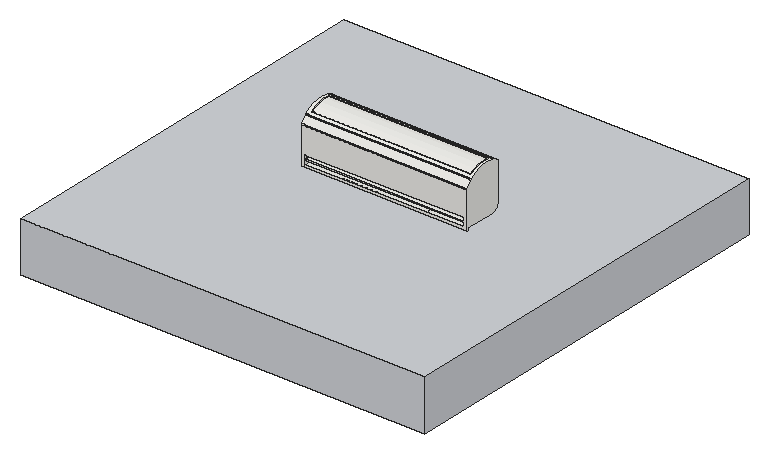
Revit family "ГРЕЕРС ЗВ - 100 В", category Wyposażenie mechaniczne, Revit 2016
Family settings
  Obiekt nadrzędny = Powierzchnia
  Typ części = Normalny
  Wymiar okrągłego złącza = Użyj średnicy
  Tnij formami wycięć po wczytaniu = Nie
  Współdzielony = Nie
  Punkt obliczania pomieszczeń = Nie
Parameters (values of type "ГРЕЕРС ЗВ - 100 В")
  Тепловая мощность = 0 kW
  Температура воздуха на выходе из аппарата (Тр2) = 0 °C
  Температура воздуха на входе в аппарат (Тр1) = 0 °C
  Температура воды на входе в теплообменник (Tw1) = 0 °C
  Производительность = 0 m³/h
  Полная мощность = Напряжение питания * Макс. потребление тока  # 149.5 VA
  Патрубки = 3/4"
  Падение давления воды в теплообменнике = 0 kPa
  Напряжение питания = 230 V
  Материал 2 = ГРЕЕРС-сталь,перфорация-белый
  Материал = ГРЕЕРС-сталь-белый
  Макс. потребление тока = 0.65 A
  Коэффициент мощности = 0.94
  Количество воды проходящей через теплообменник = 0 L/s
  Классификация нагрузки = ДВИГАТЕЛЬ
  Длина = 1000.00 mm  # constant formula
  Данные продукта = "https://greers.ru/vozdushnye-zavesy/"
  Вес аппарата = 19.00 kg
  Вентилятор = "Однофазный двигатель с поперечным ротором"
  Автор = "www.archispace.com"
  URL = ""
  Tемпература воды на выходе из теплообменника (Tw2) = 0 °C
  Producent = "ГРЕЕРС"
  Opis = "Воздушная завеса"
  Model = "ГРЕЕРС ЗВ - 100 В"
  IP = "21"
  Domyślna rzędna = 2200.00 mm
  Bec аппарата, наполненного водой = 20.60 kg
Reference planes
  plane 1 "Środek (Przód/Tył)": y = 0
  plane 2: z = 0
  plane 3 "Środek (Lewa/Prawa)": x = 0
Forms (mm)
  Extrusion 1, solid
    sketch origin (0, 0, 0) x (1, 0, 0) y (0, 1, 0)
      loop
        line (-1219.2, 1219.2) -> (-1219.2, -1219.2) -> (1219.2, -1219.2) -> (1219.2, 1219.2) -> (-1219.2, 1219.2)
    from 0 to -304.8
Dimensions and locks
  aligned and locked: plane 2 to Extrusion 1
  aligned and locked: level to Extrusion 1
  aligned and locked: plane 3 "Środek (Lewa/Prawa)" to nested 1
  aligned and locked: plane 1 "Środek (Przód/Tył)" to nested 1
Nested families
  nested 1: "ГРЕЕРС ЗВ - 100 В" at (0, 0, 0), type "ГРЕЕРС ЗВ - 100 В"
Connectors
  piping at (454, 227.682, 166.954), diameter 19.05, driven by "Патрубки", driven by "Количество воды проходящей через теплообменник", driven by "Падение давления воды в теплообменнике"
    settings: on nested 1, index 7, connector inside diameter 24", connector length 0.00 mm, flow factor 0, pipe flow 0 L/s, pressure drop 0 kPa, fitting loss kfactor 0, connector angle 0.00°, fixture units 0, engagement length 0.00 mm, angle of deflection 0.00°, flow configuration 1, flow direction 2, fitting loss method 4, system type 8, joint type 0, gender type 0, connector reference index -1, connector utility 0, adjustable connector no, is connector primary yes, connector description ""
  piping at (454, 227.682, 242.954), diameter 19.05, driven by "Патрубки", driven by "Количество воды проходящей через теплообменник", driven by "Падение давления воды в теплообменнике"
    settings: on nested 1, index 8, connector inside diameter 24", connector length 0.00 mm, flow factor 0, pipe flow 0 L/s, pressure drop 0 kPa, fitting loss kfactor 0, connector angle 0.00°, fixture units 0, engagement length 0.00 mm, angle of deflection 0.00°, flow configuration 1, flow direction 1, fitting loss method 4, system type 7, joint type 0, gender type 0, connector reference index -1, connector utility 0, adjustable connector no, is connector primary no, connector description ""
  electrical at (0, 235.182, 54.049), driven by "Напряжение питания", driven by "Полная мощность", driven by "Коэффициент мощности", driven by "Классификация нагрузки"
    settings: on nested 1, index 9, voltage 230 V, apparent load 149.5 VA, apparent load phase1 0 VA, apparent load phase2 0 VA, apparent load phase3 0 VA, power factor 0.94, load classification "ДВИГАТЕЛЬ", number of poles 1, system type 30, power factor state 1, is connector primary yes, connector utility no, sub classification motor no, connector description ""
  electrical at (-59, 235.182, 85.024)
    settings: on nested 1, index 10, voltage 0 V, apparent load 0 VA, apparent load phase1 0 VA, apparent load phase2 0 VA, apparent load phase3 0 VA, power factor 1, load classification "Inne", number of poles 1, system type 13, power factor state 1, is connector primary no, connector utility no, sub classification motor no, connector description "Регулятор ТS"
  electrical at (59, 235.182, 85.024)
    settings: on nested 1, index 11, voltage 0 V, apparent load 0 VA, apparent load phase1 0 VA, apparent load phase2 0 VA, apparent load phase3 0 VA, power factor 1, load classification "Inne", number of poles 1, system type 13, power factor state 1, is connector primary no, connector utility no, sub classification motor no, connector description "Конечный датчик"
Definition of nested family "ГРЕЕРС ЗВ - 100 В"
  Parameters
    materiał perforacja = none
    materiał = none
    długość = 1000.00 mm
  Reference planes
    plane 1 "Środek (Przód/Tył)": y = 0
    plane 2: z = 0
    plane 3 "Środek (Lewa/Prawa)": x = 0
    plane 4: x = -500
    plane 5: x = 500
    plane 6: x = -480
    plane 7: x = 480
    plane 8: x = 250
    plane 9: x = -250
  Forms (mm)
    Extrusion 1, solid, material <- "materiał", detail levels medium
      sketch origin (0, 300, 0) x (0, 1, 0) y (0, 0, 1)
        loop
          line (-72.756, 283.564) -> (-81.693, 294.358)
          arc (-81.693, 294.358) -> (-82.051, 294.684) -> (-82.482, 294.903) r 1.8
          line (-82.482, 294.903) -> (-98.157, 300.357)
          arc (-98.157, 300.357) -> (-98.505, 300.566) -> (-98.742, 300.895) r 1
          line (-98.742, 300.895) -> (-99.846, 303.375)
          arc (-99.846, 303.375) -> (-100.355, 304.039) -> (-101.109, 304.402) r 1.8
          arc (-101.109, 304.402) -> (-188.803, 303.806) -> (-267.88, 265.892) r 200.8
          arc (-267.88, 265.892) -> (-268.406, 265.22) -> (-268.563, 264.381) r 1.8
          line (-268.563, 264.381) -> (-268.42, 261.651)
          arc (-268.42, 261.651) -> (-268.477, 261.263) -> (-268.678, 260.927) r 1
          line (-268.678, 260.927) -> (-299.538, 226.654)
          arc (-299.538, 226.654) -> (-299.88, 226.094) -> (-300, 225.449) r 1.8
          line (-300, 225.449) -> (-300, 0) -> (-292.2, 0) -> (-292.2, 13.085) -> (-113.282, 13.085)
          arc (-113.282, 13.085) -> (-84.316, 25.083) -> (-72.318, 54.049) r 40.964
          line (-72.318, 54.049) -> (-72.318, 282.336)
          arc (-72.318, 282.336) -> (-72.431, 282.988) -> (-72.756, 283.564) r 1.943
      from -500 to 500
    Extrusion 2, solid, material <- "materiał", detail levels coarse
      sketch origin (0, 0, 0) x (0, 1, 0) y (0, 0, 1)
        loop
          arc (227.682, 295.867) -> (103.817, 301.954) -> (0, 234.12) r 200.8
          line (0, 234.12) -> (0, 0) -> (227.682, 0) -> (227.682, 295.867)
      from -500 to 500
    Extrusion 3, solid, material <- "materiał", detail levels fine
      sketch origin (0, 0, 0) x (0, 1, 0) y (0, 0, 1)
        loop
          line (227.244, 283.564) -> (218.307, 294.358)
          arc (218.307, 294.358) -> (217.949, 294.684) -> (217.518, 294.903) r 1.8
          line (217.518, 294.903) -> (201.843, 300.357)
          arc (201.843, 300.357) -> (201.495, 300.566) -> (201.258, 300.895) r 1
          line (201.258, 300.895) -> (200.154, 303.375)
          arc (200.154, 303.375) -> (199.645, 304.039) -> (198.891, 304.402) r 1.8
          arc (198.891, 304.402) -> (111.197, 303.806) -> (32.12, 265.892) r 200.8
          arc (32.12, 265.892) -> (31.594, 265.22) -> (31.437, 264.381) r 1.8
          line (31.437, 264.381) -> (31.58, 261.651)
          arc (31.58, 261.651) -> (31.523, 261.263) -> (31.322, 260.927) r 1
          line (31.322, 260.927) -> (0.462, 226.654)
          arc (0.462, 226.654) -> (0.12, 226.094) -> (0, 225.449) r 1.8
          line (0, 225.449) -> (0, 0) -> (7.8, 0) -> (7.8, 13.085) -> (186.718, 13.085)
          arc (186.718, 13.085) -> (215.684, 25.083) -> (227.682, 54.049) r 40.964
          line (227.682, 54.049) -> (227.682, 282.336)
          arc (227.682, 282.336) -> (227.569, 282.988) -> (227.244, 283.564) r 1.943
      from -500 to 500
    Extrusion 4, void
      sketch origin (0, 0, 0) x (0, 1, 0) y (0, 0, 1)
        loop
          line (52, 337.939) -> (52, 227.939) -> (180, 227.939) -> (180, 337.939) -> (52, 337.939)
      from -480 to 480
    Extrusion 5, solid, material <- "materiał perforacja", detail levels fine
      sketch origin (0, 0, 0) x (0, 1, 0) y (0, 0, 1)
        loop
          arc (180, 307.56) -> (113.664, 304.359) -> (52, 279.696) r 200.8
          line (52, 279.696) -> (52, 277.35)
          arc (52, 277.35) -> (113.61, 302.3) -> (180, 305.546) r 198.8
          line (180, 305.546) -> (180, 307.56)
      from -480 to 480
    Extrusion 6, void
      sketch origin (0, 0, 0) x (0, 1, 0) y (0, 0, 1)
        loop
          line (0, 15.085) -> (50, 15.085) -> (50, 70.085) -> (0, 70.085) -> (0, 43.585)
          arc (0, 43.585) -> (17.5, 45.585) -> (35, 43.585) r 77.563
          line (35, 43.585) -> (35, 41.585)
          arc (35, 41.585) -> (17.5, 39.585) -> (0, 41.585) r 77.563
          line (0, 41.585) -> (0, 15.085)
      from -480 to 480
    Extrusion 7, solid, material <- "materiał"
      sketch origin (0, 0, 0) x (0, 1, 0) y (0, 0, 1)
        loop
          line (10, 0) -> (172, 0) -> (172, 13.085) -> (10, 13.085) -> (10, 0)
      from -250 to 250
    Extrusion 8, solid, material <- "materiał"
      sketch origin (0, 0, 0) x (0, 1, 0) y (0, 0, 1)
        loop
          line (227.682, 54.049) -> (242.682, 54.049) -> (242.682, 116) -> (227.682, 116) -> (227.682, 54.049)
      from -59 to 59
    Extrusion 9, solid, material <- "materiał"
      sketch origin (0, 0, 0) x (1, 0, 0) y (0, 0, 1)
        loop
          circle (454, 242.954) r 17
        loop
          circle (454, 166.954) r 17
      from -227.682 to -225
  Cuts and joins
    Extrusion 4, Extrusion 6 cuts Extrusion 3
  Dimensions and locks
    equal spacing: plane 4, plane 3 "Środek (Lewa/Prawa)", plane 5
    "długość": plane 4 to plane 5
    locked: plane 4 to plane 6 at 20
    locked: plane 7 to plane 5 at 20
    equal spacing: plane 4, plane 9, plane 3 "Środek (Lewa/Prawa)"
    equal spacing: plane 3 "Środek (Lewa/Prawa)", plane 8, plane 5
    locked: Extrusion 9 sketch curve to plane 5 at 46  (x2)
    aligned and locked: level to plane 2
    aligned and locked: Extrusion 2 to plane 4
    aligned and locked: Extrusion 1 to plane 4
    aligned and locked: Extrusion 2 to plane 5
    aligned and locked: Extrusion 1 to plane 5
    aligned and locked: Extrusion 3 to plane 4
    aligned and locked: Extrusion 3 to plane 5
    aligned and locked: Extrusion 4 to plane 6
    aligned and locked: Extrusion 4 to plane 7
    aligned and locked: Extrusion 5 to plane 6
    aligned and locked: Extrusion 5 to plane 7
    aligned and locked: Extrusion 6 to plane 7
    aligned and locked: Extrusion 6 to plane 6
    aligned and locked: plane 8 to Extrusion 7
    aligned and locked: plane 9 to Extrusion 7
  Automatic sketch dimensions
    Extrusion 1 sketch curve to level = 0.00 mm
    Extrusion 1 sketch curve to plane 1 "Środek (Przód/Tył)" = 0.00 mm
    Extrusion 1 sketch curve to Extrusion 1 sketch curve = 1.80 mm
    Extrusion 1 sketch curve to plane 1 "Środek (Przód/Tył)" = 7.80 mm
    Extrusion 1 sketch curve to plane 1 "Środek (Przód/Tył)" = 30.581 mm
    Extrusion 1 sketch curve to Extrusion 1 sketch curve = 0.742 mm
    Extrusion 1 sketch curve to Extrusion 1 sketch curve = 0.856 mm
    Extrusion 1 sketch curve to Extrusion 1 sketch curve = 1.797 mm
    Extrusion 1 sketch curve to plane 1 "Środek (Przód/Tył)" = 156.375 mm
    Extrusion 1 sketch curve to Extrusion 1 sketch curve = 30.343 mm
    Extrusion 1 sketch curve to Extrusion 1 sketch curve = 165.276 mm
    Extrusion 1 sketch curve to Extrusion 1 sketch curve = 3.662 mm
    Extrusion 1 sketch curve to Extrusion 1 sketch curve = 14.754 mm
    Extrusion 1 sketch curve to Extrusion 1 sketch curve = 1.38 mm
    Extrusion 1 sketch curve to Extrusion 1 sketch curve = 8.812 mm
    Extrusion 1 sketch curve to Extrusion 1 sketch curve = 1.505 mm
    Extrusion 1 sketch curve to Extrusion 1 sketch curve = 40.964 mm
    Extrusion 1 sketch curve to Extrusion 1 sketch curve = 13.085 mm
    Extrusion 1 sketch curve to Extrusion 1 sketch curve = 54.106 mm
    Extrusion 1 sketch curve to Extrusion 1 sketch curve = 117.295 mm
    Extrusion 1 sketch curve to Extrusion 1 sketch curve = 35.478 mm
    Extrusion 1 sketch curve to Extrusion 1 sketch curve = 0.671 mm
    Extrusion 1 sketch curve to Extrusion 1 sketch curve = 2.783 mm
    Extrusion 1 sketch curve to Extrusion 1 sketch curve = 0.097 mm
    Extrusion 1 sketch curve to Extrusion 1 sketch curve = 174.181 mm
    Extrusion 1 sketch curve to Extrusion 1 sketch curve = 10.867 mm
    Extrusion 1 sketch curve to Extrusion 1 sketch curve = 1.155 mm
    Extrusion 1 sketch curve to Extrusion 1 sketch curve = 8.099 mm
    Extrusion 1 sketch curve to Extrusion 1 sketch curve = 1.341 mm
    Extrusion 1 sketch curve to plane 1 "Środek (Przód/Tył)" = 0.462 mm
    Extrusion 1 sketch curve to Extrusion 1 sketch curve = 0.00 mm  (x14)
    Extrusion 1 sketch curve to Extrusion 1 sketch curve = 0.257 mm
    Extrusion 1 sketch curve to Extrusion 1 sketch curve = 1.263 mm
    Extrusion 1 sketch curve to Extrusion 1 sketch curve = 0.914 mm
    Extrusion 1 sketch curve to Extrusion 1 sketch curve = 0.585 mm
    Extrusion 1 sketch curve to Extrusion 1 sketch curve = 0.789 mm
    Extrusion 1 sketch curve to Extrusion 1 sketch curve = 0.944 mm
    Extrusion 2 sketch curve to level = 0.00 mm
    Extrusion 2 sketch curve to Extrusion 2 sketch curve = 71.306 mm
    Extrusion 2 sketch curve to Extrusion 2 sketch curve = 108.154 mm
    Extrusion 2 sketch curve to plane 1 "Środek (Przód/Tył)" = 0.00 mm
    Extrusion 2 sketch curve to Extrusion 2 sketch curve = 125.966 mm
    Extrusion 2 sketch curve to plane 1 "Środek (Przód/Tył)" = 156.375 mm
    plane 1 "Środek (Przód/Tył)" to Extrusion 3 sketch curve = 0.00 mm
    Extrusion 3 sketch curve to Extrusion 3 sketch curve = 1.80 mm
    Extrusion 3 sketch curve to Extrusion 3 sketch curve = 7.80 mm
    Extrusion 3 sketch curve to Extrusion 3 sketch curve = 28.781 mm
    Extrusion 3 sketch curve to Extrusion 3 sketch curve = 0.742 mm
    Extrusion 3 sketch curve to Extrusion 3 sketch curve = 0.856 mm
    Extrusion 3 sketch curve to Extrusion 3 sketch curve = 1.797 mm
    Extrusion 3 sketch curve to Extrusion 3 sketch curve = 148.575 mm
    Extrusion 3 sketch curve to Extrusion 3 sketch curve = 30.343 mm
    Extrusion 3 sketch curve to Extrusion 3 sketch curve = 165.276 mm
    Extrusion 3 sketch curve to Extrusion 3 sketch curve = 3.662 mm
    Extrusion 3 sketch curve to Extrusion 3 sketch curve = 14.754 mm
    Extrusion 3 sketch curve to Extrusion 3 sketch curve = 1.38 mm
    Extrusion 3 sketch curve to Extrusion 3 sketch curve = 8.812 mm
    Extrusion 3 sketch curve to Extrusion 3 sketch curve = 1.505 mm
    Extrusion 3 sketch curve to Extrusion 3 sketch curve = 40.964 mm
    level to Extrusion 3 sketch curve = 0.00 mm
    Extrusion 3 sketch curve to Extrusion 3 sketch curve = 13.085 mm
    Extrusion 3 sketch curve to Extrusion 3 sketch curve = 54.106 mm
    Extrusion 3 sketch curve to Extrusion 3 sketch curve = 117.295 mm
    Extrusion 3 sketch curve to Extrusion 3 sketch curve = 35.478 mm
    Extrusion 3 sketch curve to Extrusion 3 sketch curve = 0.671 mm
    Extrusion 3 sketch curve to Extrusion 3 sketch curve = 2.783 mm
    Extrusion 3 sketch curve to Extrusion 3 sketch curve = 0.097 mm
    Extrusion 3 sketch curve to Extrusion 3 sketch curve = 174.181 mm
    Extrusion 3 sketch curve to Extrusion 3 sketch curve = 10.867 mm
    Extrusion 3 sketch curve to Extrusion 3 sketch curve = 1.155 mm
    Extrusion 3 sketch curve to Extrusion 3 sketch curve = 8.099 mm
    Extrusion 3 sketch curve to Extrusion 3 sketch curve = 1.341 mm
    Extrusion 3 sketch curve to Extrusion 3 sketch curve = 0.462 mm
    Extrusion 3 sketch curve to Extrusion 3 sketch curve = 0.00 mm  (x14)
    Extrusion 3 sketch curve to Extrusion 3 sketch curve = 0.257 mm
    Extrusion 3 sketch curve to Extrusion 3 sketch curve = 1.263 mm
    Extrusion 3 sketch curve to Extrusion 3 sketch curve = 0.914 mm
    Extrusion 3 sketch curve to Extrusion 3 sketch curve = 0.585 mm
    Extrusion 3 sketch curve to Extrusion 3 sketch curve = 0.789 mm
    Extrusion 3 sketch curve to Extrusion 3 sketch curve = 0.944 mm
    Extrusion 4 sketch curve to Extrusion 4 sketch curve = 128.00 mm
    level to Extrusion 4 sketch curve = 227.939 mm
    Extrusion 4 sketch curve to Extrusion 4 sketch curve = 110.00 mm
    Extrusion 4 sketch curve to plane 1 "Środek (Przód/Tył)" = 52.00 mm
    Extrusion 5 sketch curve to plane 1 "Środek (Przód/Tył)" = 156.375 mm
    level to Extrusion 5 sketch curve = 108.154 mm
    Extrusion 5 sketch curve to plane 1 "Środek (Przód/Tył)" = 52.00 mm
    Extrusion 5 sketch curve to Extrusion 5 sketch curve = 23.625 mm
    Extrusion 5 sketch curve to Extrusion 5 sketch curve = 25.85 mm
    Extrusion 5 sketch curve to Extrusion 5 sketch curve = 2.346 mm
    Extrusion 5 sketch curve to Extrusion 5 sketch curve = 0.00 mm  (x2)
    Extrusion 7 sketch curve to level = 0.00 mm
    Extrusion 7 sketch curve to plane 1 "Środek (Przód/Tył)" = 10.00 mm
    Extrusion 7 sketch curve to Extrusion 7 sketch curve = 162.00 mm
    level to Extrusion 7 sketch curve = 13.085 mm
    Extrusion 8 sketch curve to plane 1 "Środek (Przód/Tył)" = 227.682 mm
    level to Extrusion 8 sketch curve = 116.00 mm
    level to Extrusion 8 sketch curve = 54.049 mm
    Extrusion 8 sketch curve to Extrusion 8 sketch curve = 15.00 mm
    level to Extrusion 9 sketch curve = 166.954 mm
    Extrusion 9 sketch curve to Extrusion 9 sketch curve = 76.00 mm
    Extrusion 6 sketch curve to plane 1 "Środek (Przód/Tył)" = 0.00 mm  (x2)
    Extrusion 6 sketch curve to plane 1 "Środek (Przód/Tył)" = 17.50 mm  (x2)
    Extrusion 6 sketch curve to Extrusion 6 sketch curve = 35.00 mm
    Extrusion 6 sketch curve to Extrusion 6 sketch curve = 15.00 mm
    Extrusion 6 sketch curve to level = 31.977 mm
    level to Extrusion 6 sketch curve = 15.085 mm
    Extrusion 6 sketch curve to Extrusion 6 sketch curve = 26.50 mm  (x2)
    Extrusion 6 sketch curve to Extrusion 6 sketch curve = 2.00 mm
    Extrusion 6 sketch curve to Extrusion 6 sketch curve = 47.063 mm
    radius of Extrusion 9 sketch curve = 17.00 mm  (x2)
Types in the file's own list only (60): name | Тепловая мощность | Температура воздуха на выходе из аппарата (Тр2) | Температура воздуха на входе в аппарат (Тр1) | Температура воды на входе в теплообменник (Tw1) | Производительность | Полная мощность | Падение давления воды в теплообменнике | Макс. потребление тока | Количество воды проходящей через теплообменник | Tемпература воды на выходе из теплообменника (Tw2)
  ГРЕЕРС ЗВ - 100 В, 1 скорость, Tw1/Tw2 = 90/70°C, Tp1 = 0 | 14.2 kW | 40 °C | 0 °C | 90 °C | 1050 m³/h | 150 VA | 15.4 kPa | 1 A | 0.174 L/s | 70 °C
  ГРЕЕРС ЗВ - 100 В, 1 скорость, Tw1/Tw2 = 90/70°C, Tp1 = 5 | 13.3 kW | 42.5 °C | 5 °C | 90 °C | 1050 m³/h | 150 VA | 13.7 kPa | 1 A | 0.163 L/s | 70 °C
  ГРЕЕРС ЗВ - 100 В, 1 скорость, Tw1/Tw2 = 90/70°C, Tp1 = 10 | 12.4 kW | 45 °C | 10 °C | 90 °C | 1050 m³/h | 150 VA | 12.1 kPa | 1 A | 0.152 L/s | 70 °C
  ГРЕЕРС ЗВ - 100 В, 1 скорость, Tw1/Tw2 = 90/70°C, Tp1 = 15 | 11.5 kW | 47 °C | 15 °C | 90 °C | 1050 m³/h | 150 VA | 10.5 kPa | 1 A | 0.141 L/s | 70 °C
  ГРЕЕРС ЗВ - 100 В, 1 скорость, Tw1/Tw2 = 90/70°C, Tp1 = 20 | 10.6 kW | 49.5 °C | 20 °C | 90 °C | 1050 m³/h | 150 VA | 9.1 kPa | 1 A | 0.13 L/s | 70 °C
  ГРЕЕРС ЗВ - 100 В, 1 скорость, Tw1/Tw2 = 80/60°C, Tp1 = 0 | 12.2 kW | 34.5 °C | 0 °C | 80 °C | 1050 m³/h | 150 VA | 12 kPa | 1 A | 0.149 L/s | 60 °C
  ГРЕЕРС ЗВ - 100 В, 1 скорость, Tw1/Tw2 = 80/60°C, Tp1 = 5 | 11.3 kW | 37 °C | 5 °C | 80 °C | 1050 m³/h | 150 VA | 10.5 kPa | 1 A | 0.138 L/s | 60 °C
  ГРЕЕРС ЗВ - 100 В, 1 скорость, Tw1/Tw2 = 80/60°C, Tp1 = 10 | 10.4 kW | 39.5 °C | 10 °C | 80 °C | 1050 m³/h | 150 VA | 9.1 kPa | 1 A | 0.127 L/s | 60 °C
  ГРЕЕРС ЗВ - 100 В, 1 скорость, Tw1/Tw2 = 80/60°C, Tp1 = 15 | 9.5 kW | 41.5 °C | 15 °C | 80 °C | 1050 m³/h | 150 VA | 7.7 kPa | 1 A | 0.116 L/s | 60 °C
  ГРЕЕРС ЗВ - 100 В, 1 скорость, Tw1/Tw2 = 80/60°C, Tp1 = 20 | 8.6 kW | 44 °C | 20 °C | 80 °C | 1050 m³/h | 150 VA | 6.4 kPa | 1 A | 0.105 L/s | 60 °C
  ГРЕЕРС ЗВ - 100 В, 1 скорость, Tw1/Tw2 = 70/50°C, Tp1 = 0 | 10.3 kW | 29 °C | 0 °C | 70 °C | 1050 m³/h | 150 VA | 9 kPa | 1 A | 0.125 L/s | 50 °C
  ГРЕЕРС ЗВ - 100 В, 1 скорость, Tw1/Tw2 = 70/50°C, Tp1 = 5 | 9.4 kW | 31.5 °C | 5 °C | 70 °C | 1050 m³/h | 150 VA | 7.7 kPa | 1 A | 0.114 L/s | 50 °C
  ГРЕЕРС ЗВ - 100 В, 1 скорость, Tw1/Tw2 = 70/50°C, Tp1 = 10 | 8.5 kW | 33.5 °C | 10 °C | 70 °C | 1050 m³/h | 150 VA | 6.4 kPa | 1 A | 0.103 L/s | 50 °C
  ГРЕЕРС ЗВ - 100 В, 1 скорость, Tw1/Tw2 = 70/50°C, Tp1 = 15 | 7.5 kW | 36 °C | 15 °C | 70 °C | 1050 m³/h | 150 VA | 5.2 kPa | 1 A | 0.092 L/s | 50 °C
  ГРЕЕРС ЗВ - 100 В, 1 скорость, Tw1/Tw2 = 70/50°C, Tp1 = 20 | 6.6 kW | 38.5 °C | 20 °C | 70 °C | 1050 m³/h | 150 VA | 4.1 kPa | 1 A | 0.08 L/s | 50 °C
  ГРЕЕРС ЗВ - 100 В, 1 скорость, Tw1/Tw2 = 60/40°C, Tp1 = 0 | 8.3 kW | 23.5 °C | 0 °C | 60 °C | 1050 m³/h | 150 VA | 6.4 kPa | 1 A | 0.1 L/s | 40 °C
  ГРЕЕРС ЗВ - 100 В, 1 скорость, Tw1/Tw2 = 60/40°C, Tp1 = 5 | 7.4 kW | 26 °C | 5 °C | 60 °C | 1050 m³/h | 150 VA | 5.2 kPa | 1 A | 0.089 L/s | 40 °C
  ГРЕЕРС ЗВ - 100 В, 1 скорость, Tw1/Tw2 = 60/40°C, Tp1 = 10 | 6.5 kW | 28 °C | 10 °C | 60 °C | 1050 m³/h | 150 VA | 4.1 kPa | 1 A | 0.078 L/s | 40 °C
  ГРЕЕРС ЗВ - 100 В, 1 скорость, Tw1/Tw2 = 60/40°C, Tp1 = 15 | 5.5 kW | 30.5 °C | 15 °C | 60 °C | 1050 m³/h | 150 VA | 3.1 kPa | 1 A | 0.067 L/s | 40 °C
  ГРЕЕРС ЗВ - 100 В, 1 скорость, Tw1/Tw2 = 60/40°C, Tp1 = 20 | 4.6 kW | 32.5 °C | 20 °C | 60 °C | 1050 m³/h | 150 VA | 2.2 kPa | 1 A | 0.055 L/s | 40 °C
  ГРЕЕРС ЗВ - 100 В, 2 скорость, Tw1/Tw2 = 90/70°C, Tp1 = 0 | 15.8 kW | 37.5 °C | 0 °C | 90 °C | 1250 m³/h | 150 VA | 18.8 kPa | 1 A | 0.194 L/s | 70 °C
  ГРЕЕРС ЗВ - 100 В, 2 скорость, Tw1/Tw2 = 90/70°C, Tp1 = 5 | 14.8 kW | 40 °C | 5 °C | 90 °C | 1250 m³/h | 150 VA | 16.7 kPa | 1 A | 0.182 L/s | 70 °C
  ГРЕЕРС ЗВ - 100 В, 2 скорость, Tw1/Tw2 = 90/70°C, Tp1 = 10 | 13.8 kW | 42.5 °C | 10 °C | 90 °C | 1250 m³/h | 150 VA | 14.7 kPa | 1 A | 0.17 L/s | 70 °C
  ГРЕЕРС ЗВ - 100 В, 2 скорость, Tw1/Tw2 = 90/70°C, Tp1 = 15 | 12.8 kW | 45 °C | 15 °C | 90 °C | 1250 m³/h | 150 VA | 12.9 kPa | 1 A | 0.157 L/s | 70 °C
  ГРЕЕРС ЗВ - 100 В, 2 скорость, Tw1/Tw2 = 90/70°C, Tp1 = 20 | 11.8 kW | 47.5 °C | 20 °C | 90 °C | 1250 m³/h | 150 VA | 11.1 kPa | 1 A | 0.145 L/s | 70 °C
  ГРЕЕРС ЗВ - 100 В, 2 скорость, Tw1/Tw2 = 80/60°C, Tp1 = 0 | 13.6 kW | 32.5 °C | 0 °C | 80 °C | 1250 m³/h | 150 VA | 14.7 kPa | 1 A | 0.166 L/s | 60 °C
  ГРЕЕРС ЗВ - 100 В, 2 скорость, Tw1/Tw2 = 80/60°C, Tp1 = 5 | 12.7 kW | 35 °C | 5 °C | 80 °C | 1250 m³/h | 150 VA | 12.8 kPa | 1 A | 0.154 L/s | 60 °C
  ГРЕЕРС ЗВ - 100 В, 2 скорость, Tw1/Tw2 = 80/60°C, Tp1 = 10 | 11.6 kW | 37.5 °C | 10 °C | 80 °C | 1250 m³/h | 150 VA | 11 kPa | 1 A | 0.142 L/s | 60 °C
  ГРЕЕРС ЗВ - 100 В, 2 скорость, Tw1/Tw2 = 80/60°C, Tp1 = 15 | 10.6 kW | 40 °C | 15 °C | 80 °C | 1250 m³/h | 150 VA | 9.4 kPa | 1 A | 0.13 L/s | 60 °C
  ГРЕЕРС ЗВ - 100 В, 2 скорость, Tw1/Tw2 = 80/60°C, Tp1 = 20 | 9.6 kW | 42.5 °C | 20 °C | 80 °C | 1250 m³/h | 150 VA | 7.8 kPa | 1 A | 0.117 L/s | 60 °C
  ГРЕЕРС ЗВ - 100 В, 2 скорость, Tw1/Tw2 = 70/50°C, Tp1 = 0 | 11.5 kW | 27 °C | 0 °C | 70 °C | 1250 m³/h | 150 VA | 11 kPa | 1 A | 0.139 L/s | 50 °C
  ГРЕЕРС ЗВ - 100 В, 2 скорость, Tw1/Tw2 = 70/50°C, Tp1 = 5 | 10.5 kW | 29.5 °C | 5 °C | 70 °C | 1250 m³/h | 150 VA | 9.3 kPa | 1 A | 0.127 L/s | 50 °C
  ГРЕЕРС ЗВ - 100 В, 2 скорость, Tw1/Tw2 = 70/50°C, Tp1 = 10 | 9.4 kW | 32 °C | 10 °C | 70 °C | 1250 m³/h | 150 VA | 7.8 kPa | 1 A | 0.115 L/s | 50 °C
  ГРЕЕРС ЗВ - 100 В, 2 скорость, Tw1/Tw2 = 70/50°C, Tp1 = 15 | 8.4 kW | 35 °C | 15 °C | 70 °C | 1250 m³/h | 150 VA | 6.3 kPa | 1 A | 0.102 L/s | 50 °C
  ГРЕЕРС ЗВ - 100 В, 2 скорость, Tw1/Tw2 = 70/50°C, Tp1 = 20 | 7.4 kW | 37.5 °C | 20 °C | 70 °C | 1250 m³/h | 150 VA | 5 kPa | 1 A | 0.09 L/s | 50 °C
  ГРЕЕРС ЗВ - 100 В, 2 скорость, Tw1/Tw2 = 60/40°C, Tp1 = 0 | 9.3 kW | 22 °C | 0 °C | 60 °C | 1250 m³/h | 150 VA | 7.8 kPa | 1 A | 0.112 L/s | 40 °C
  ГРЕЕРС ЗВ - 100 В, 2 скорость, Tw1/Tw2 = 60/40°C, Tp1 = 5 | 8.2 kW | 24.5 °C | 5 °C | 60 °C | 1250 m³/h | 150 VA | 6.3 kPa | 1 A | 0.1 L/s | 40 °C
  ГРЕЕРС ЗВ - 100 В, 2 скорость, Tw1/Tw2 = 60/40°C, Tp1 = 10 | 7.2 kW | 27 °C | 10 °C | 60 °C | 1250 m³/h | 150 VA | 5 kPa | 1 A | 0.087 L/s | 40 °C
  ГРЕЕРС ЗВ - 100 В, 2 скорость, Tw1/Tw2 = 60/40°C, Tp1 = 15 | 6.2 kW | 29.5 °C | 15 °C | 60 °C | 1250 m³/h | 150 VA | 3.8 kPa | 1 A | 0.075 L/s | 40 °C
  ГРЕЕРС ЗВ - 100 В, 2 скорость, Tw1/Tw2 = 60/40°C, Tp1 = 20 | 5.1 kW | 32 °C | 20 °C | 60 °C | 1250 m³/h | 150 VA | 2.7 kPa | 1 A | 0.062 L/s | 40 °C
  ГРЕЕРС ЗВ - 100 В, 3 скорость, Tw1/Tw2 = 90/70°C, Tp1 = 0 | 17 kW | 36 °C | 0 °C | 90 °C | 1400 m³/h | 150 VA | 21.3 kPa | 1 A | 0.208 L/s | 70 °C
  ГРЕЕРС ЗВ - 100 В, 3 скорость, Tw1/Tw2 = 90/70°C, Tp1 = 5 | 15.9 kW | 38.5 °C | 5 °C | 90 °C | 1400 m³/h | 150 VA | 19 kPa | 1 A | 0.195 L/s | 70 °C
  ГРЕЕРС ЗВ - 100 В, 3 скорость, Tw1/Tw2 = 90/70°C, Tp1 = 10 | 14.9 kW | 41 °C | 10 °C | 90 °C | 1400 m³/h | 150 VA | 16.7 kPa | 1 A | 0.182 L/s | 70 °C
  ГРЕЕРС ЗВ - 100 В, 3 скорость, Tw1/Tw2 = 90/70°C, Tp1 = 15 | 13.8 kW | 44 °C | 15 °C | 90 °C | 1400 m³/h | 150 VA | 14.6 kPa | 1 A | 0.169 L/s | 70 °C
  ГРЕЕРС ЗВ - 100 В, 3 скорость, Tw1/Tw2 = 90/70°C, Tp1 = 20 | 12.7 kW | 46.5 °C | 20 °C | 90 °C | 1400 m³/h | 150 VA | 12.6 kPa | 1 A | 0.156 L/s | 70 °C
  ГРЕЕРС ЗВ - 100 В, 3 скорость, Tw1/Tw2 = 80/60°C, Tp1 = 0 | 14.6 kW | 31 °C | 0 °C | 80 °C | 1400 m³/h | 150 VA | 16.7 kPa | 1 A | 0.179 L/s | 60 °C
  ГРЕЕРС ЗВ - 100 В, 3 скорость, Tw1/Tw2 = 80/60°C, Tp1 = 5 | 13.6 kW | 33.5 °C | 5 °C | 80 °C | 1400 m³/h | 150 VA | 14.5 kPa | 1 A | 0.166 L/s | 60 °C
  ГРЕЕРС ЗВ - 100 В, 3 скорость, Tw1/Tw2 = 80/60°C, Tp1 = 10 | 12.5 kW | 36.5 °C | 10 °C | 80 °C | 1400 m³/h | 150 VA | 12.5 kPa | 1 A | 0.152 L/s | 60 °C
  ГРЕЕРС ЗВ - 100 В, 3 скорость, Tw1/Tw2 = 80/60°C, Tp1 = 15 | 11.4 kW | 39 °C | 15 °C | 80 °C | 1400 m³/h | 150 VA | 10.6 kPa | 1 A | 0.139 L/s | 60 °C
  ГРЕЕРС ЗВ - 100 В, 3 скорость, Tw1/Tw2 = 80/60°C, Tp1 = 20 | 10.3 kW | 41.5 °C | 20 °C | 80 °C | 1400 m³/h | 150 VA | 8.9 kPa | 1 A | 0.126 L/s | 60 °C
  ГРЕЕРС ЗВ - 100 В, 3 скорость, Tw1/Tw2 = 70/50°C, Tp1 = 0 | 12.3 kW | 26 °C | 0 °C | 70 °C | 1400 m³/h | 150 VA | 12.5 kPa | 1 A | 0.149 L/s | 50 °C
  ГРЕЕРС ЗВ - 100 В, 3 скорость, Tw1/Tw2 = 70/50°C, Tp1 = 5 | 11.2 kW | 28.5 °C | 5 °C | 70 °C | 1400 m³/h | 150 VA | 10.6 kPa | 1 A | 0.136 L/s | 50 °C
  ГРЕЕРС ЗВ - 100 В, 3 скорость, Tw1/Tw2 = 70/50°C, Tp1 = 10 | 10.1 kW | 31.5 °C | 10 °C | 70 °C | 1400 m³/h | 150 VA | 8.8 kPa | 1 A | 0.123 L/s | 50 °C
  ГРЕЕРС ЗВ - 100 В, 3 скорость, Tw1/Tw2 = 70/50°C, Tp1 = 15 | 9 kW | 34 °C | 15 °C | 70 °C | 1400 m³/h | 150 VA | 7.2 kPa | 1 A | 0.11 L/s | 50 °C
  ГРЕЕРС ЗВ - 100 В, 3 скорость, Tw1/Tw2 = 70/50°C, Tp1 = 20 | 7.9 kW | 36.5 °C | 20 °C | 70 °C | 1400 m³/h | 150 VA | 5.7 kPa | 1 A | 0.096 L/s | 50 °C
  ГРЕЕРС ЗВ - 100 В, 3 скорость, Tw1/Tw2 = 60/40°C, Tp1 = 0 | 9.9 kW | 21 °C | 0 °C | 60 °C | 1400 m³/h | 150 VA | 8.8 kPa | 1 A | 0.12 L/s | 40 °C
  ГРЕЕРС ЗВ - 100 В, 3 скорость, Tw1/Tw2 = 60/40°C, Tp1 = 5 | 8.8 kW | 23.5 °C | 5 °C | 60 °C | 1400 m³/h | 150 VA | 7.1 kPa | 1 A | 0.107 L/s | 40 °C
  ГРЕЕРС ЗВ - 100 В, 3 скорость, Tw1/Tw2 = 60/40°C, Tp1 = 10 | 7.7 kW | 26.5 °C | 10 °C | 60 °C | 1400 m³/h | 150 VA | 5.6 kPa | 1 A | 0.094 L/s | 40 °C
  ГРЕЕРС ЗВ - 100 В, 3 скорость, Tw1/Tw2 = 60/40°C, Tp1 = 15 | 6.6 kW | 29 °C | 15 °C | 60 °C | 1400 m³/h | 150 VA | 4.3 kPa | 1 A | 0.08 L/s | 40 °C
  ГРЕЕРС ЗВ - 100 В, 3 скорость, Tw1/Tw2 = 60/40°C, Tp1 = 20 | 5.5 kW | 31.5 °C | 20 °C | 60 °C | 1400 m³/h | 150 VA | 3.1 kPa | 1 A | 0.066 L/s | 40 °C
